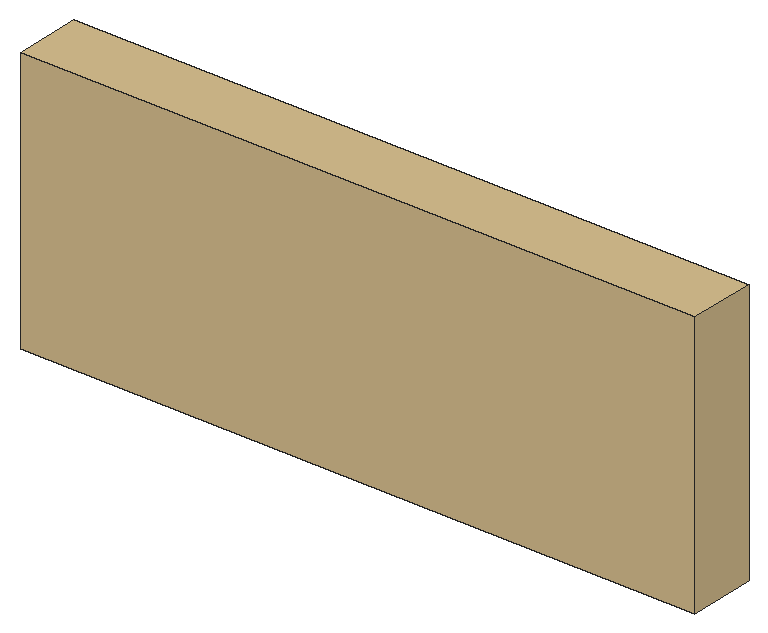
Revit family "trave legno", category Structural Framing, Revit 2011
Parameters (values of type "12 x 48")
  c_legno = Legno - Legno da costruzione
  Calcolo estensione iniziale [instance] = Estensione negativa massima + Estensione iniziale  # 300 mm
  Estensione iniziale [instance] = 0 mm
  Estensione negativa massima = 300 mm
  Calcolo estensione finale [instance] = Estensione negativa massima + Estensione finale  # 300 mm
  Estensione finale [instance] = 0 mm
  Materiale trave [instance] = none
  A = 0.00 m²
  Ix = 0
  Iy = 0
  Length [instance] = 1524 mm
  Sx = 0
  Sy = 0
  b = 120 mm
  d = 480 mm
Types (4, lengths in mm): name | c_legno | Materiale trave | b | d
  (no name) | Legno - Legno da costruzione | none | 120 | 480
  140X140 | none | none | 140 | 140
  190X241 | none | Legno - Legno da costruzione | 190 | 241
  12 x 48 | Legno - Legno da costruzione | none | 120 | 480
Reference planes
  plane 1 "Centro (Fronte/Retro)": y = 0
  plane 2: z = 0
  plane 3 "Centro (Sinistra/Destra)": x = 4.61
  plane 4 "Membro sinistro": x = -604.99
  plane 5 "Membro destro": x = 614.21
  plane 6: y = 60
  plane 7: y = -60
  plane 8: z = 240
  plane 9: z = -240
  plane 10 "Sinistra": x = -757.39
  plane 11 "Simbolo bacchetta a sinistra": x = -452.59
  plane 12 "Simbolo bacchetta a destra": x = 461.81
  plane 13 "Destra": x = 766.61
  plane 14: x = -604.99
  plane 15: x = 614.21
  plane 16: x = -304.99
  plane 17: x = 314.21
Forms (mm)
  Sweep 1, solid, material "Legno - Legno da costruzione" <- "c_legno", detail levels medium+fine
    path origin (0, 0, 0) x (1, 0, 0) y (0, 1, 0)
      loop
        line (614.21, 0) -> (-604.99, 0)
    profile "M_Trave rettangolare in legno-Profilo : M_Trave rettangolare in legno-Profilo" origin (4.61, 0, 0) x (0, -1, 0) y (0, 0, 1)
      loop
        line (-60, -240) -> (60, -240) -> (60, 240) -> (-60, 240) -> (-60, -240)
Lines and regions (mm)
  symbolic lines, style "Simboli bacchetta", detail levels coarse
    curve 1: line (4.61, 60, 240) -> (4.61, -60, 240)
    curve 2: line (4.61, -60, -240) -> (4.61, 60, -240)
    curve 3: line (4.61, -60, 240) -> (4.61, -60, -240)
    curve 4: line (4.61, 60, -240) -> (4.61, 60, 240)
Dimensions and locks
  "b": plane 6 to plane 7
  "d": plane 9 to plane 8
  equal spacing: plane 9, plane 2, plane 8
  equal spacing: plane 6, plane 1 "Centro (Fronte/Retro)", plane 7
  "Length": plane 10 "Sinistra" to plane 13 "Destra"
  locked: plane 4 "Membro sinistro" to plane 16 at 300
  locked: plane 17 to plane 5 "Membro destro" at 300
  "Calcolo estensione iniziale": plane 14 to plane 16
  "Calcolo estensione finale": plane 17 to plane 15
  aligned and locked: Sweep 1 sketch curve to plane 1 "Centro (Fronte/Retro)"
  aligned and locked: curve 1 to Sweep 1
  aligned and locked: curve 2 to Sweep 1
  aligned and locked: curve 3 to Sweep 1
  aligned and locked: curve 4 to Sweep 1
  aligned and locked: plane 14 to Sweep 1 sketch curve
  aligned and locked: plane 15 to Sweep 1 sketch curve
